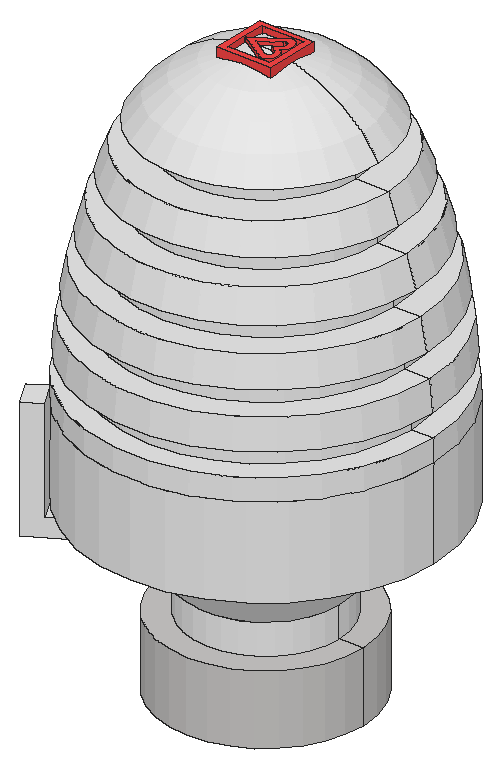
Revit family "Термостатическая головка HERZ-Design, с присоединительной резьбой М 28х1.5, 9230", category Rohrzubehör, Revit 2019
Family settings
  Bemaßung runder Anschluss = Durchmesser verwenden
  Teiletyp = Normal
  OmniClass-Nummer = 23.65.55.14
  OmniClass-Titel = Valves for Liquid Services
  Arbeitsebenenbasiert = Nein
  Immer vertikal = Nein
  Beim Laden mit Abzugskörper schneiden = Nein
  Gemeinsam genutzt = Nein
Parameters
  Принцип действия = "HERZ-термостатическая головка является датчиком прямого регулирования.\r\nИзменение объема жидкости в HERZ-гидросенсоре приводит в движение шток клапана."
  Область применения = "Для монтажа на всех HERZ-клапанах, предназначенных для термостатической работы."
  Номер заказа = 1923006  # constant formula
  Морозозащита = 6 °C  # constant formula
  Маховик = "Пластик, белый"  # constant formula
  Исполнение = "Термостатическая головка с жидкостным датчиком (гидросенсором) с позициями теплового запираниия \"0\" и морозозащиты, с ограничением и блокировкой диапазона регулирования. Цвет маховика - белый."
  Диапазон регулирования с морозозащитой = "6-30°C"  # constant formula
  Диапазон регулирования = "0-30°C"  # constant formula
  URL = "www.herz-armaturen.ru"
  S02 = 60.000 mm  # constant formula
  S01 = 90.000 mm  # constant formula
  Hersteller = "HERZ Armaturen Ges.m.b.H."  # constant formula
Reference planes
  plane 1 "Mitte (Vorne/hinten)": y = 0
  plane 2: z = 0
  plane 3 "Mitte (Links/rechts)": x = 0
Forms (mm)
  Revolve 1, solid, material "Kunststoff weiß", detail levels fine
    sketch origin (0, 0, 0) x (1, 0, 0) y (0, 0, 1)
      loop
        line (0, 0) -> (0, 90)
        arc (0, 90) -> (-10.767, 87.197) -> (-18.8, 79.5) r 22.08
        arc (-18.8, 79.5) -> (-25.672, 59.356) -> (-28, 38.2) r 97.301
        line (-28, 38.2) -> (-28, 23.2) -> (-23.25, 23.2) -> (-23.25, 20.5) -> (-20.4, 20.5) -> (-20.4, 19.7) -> (-12.2, 11.5) -> (-12.2, 4.8) -> (-13.2, 4.8) -> (-13.2, 0) -> (0, 0)
      axis (0, 90) -> (0, 0)
    angle from 0 to 360
  Extrusion 2, solid, material "Kunststoff weiß", detail levels fine
    sketch origin (0, 0, 0) x (0.866025, 0.5, 0) y (0, 0, 1)
      loop
        line (-28.5, 36.04) -> (-31.75, 36.04) -> (-31.75, 16.2) -> (-20.85, 16.2) -> (-20.85, 20.5) -> (-23.25, 20.5) -> (-23.25, 21.5) -> (-24.578, 19.2) -> (-28.5, 19.2) -> (-28.5, 36.04)
    from 2.5 to -2.5
  Extrusion 3, solid, material "Kunststoff weiß", detail levels fine
    sketch origin (0, 0, 0) x (0, 1, 0) y (0, 0, 1)
      loop
        arc (0.75, 19.2) -> (1.987, 19.713) -> (2.5, 20.95) r 1.75
        line (2.5, 20.95) -> (2.5, 32.2) -> (-2.5, 32.2) -> (-2.5, 20.95)
        arc (-2.5, 20.95) -> (-1.987, 19.713) -> (-0.75, 19.2) r 1.75
        line (-0.75, 19.2) -> (0.75, 19.2)
    from 0 to -31.5
  Revolve 4, solid, material "Messing verzinkt", detail levels fine
    sketch origin (0, 0, 0) x (1, 0, 0) y (0, 0, 1)
      loop
        line (0, 0) -> (0, 6.5) -> (-16.25, 6.5) -> (-16.25, -5) -> (-14, -5) -> (-14, 0) -> (0, 0)
      axis (0, 6.5) -> (0, -5)
    angle from 0 to 360
  Revolve 5, void
    sketch origin (0, 0, 0) x (1, 0, 0) y (0, 0, 1)
      loop
        arc (-18.8, 79.5) -> (-19.64, 77.659) -> (-20.442, 75.8) r 97.301
        line (-20.442, 75.8) -> (-14.951, 75.8) -> (-14.951, 79.5) -> (-18.8, 79.5)
      loop
        line (-27.933, 41.8) -> (-24.226, 41.8) -> (-24.226, 45.5) -> (-27.726, 45.5)
        arc (-27.726, 45.5) -> (-27.847, 43.651) -> (-27.933, 41.8) r 97.301
      loop
        arc (-22.197, 71.3) -> (-22.843, 69.456) -> (-23.452, 67.6) r 97.301
        line (-23.452, 67.6) -> (-18.697, 67.6) -> (-18.697, 71.3) -> (-22.197, 71.3)
      loop
        arc (-24.865, 62.7) -> (-25.326, 60.854) -> (-25.751, 59) r 97.301
        line (-25.751, 59) -> (-21.365, 59) -> (-21.365, 62.7) -> (-24.865, 62.7)
      loop
        arc (-26.692, 54.1) -> (-26.98, 52.253) -> (-27.232, 50.4) r 97.301
        line (-27.232, 50.4) -> (-23.192, 50.4) -> (-23.192, 54.1) -> (-26.692, 54.1)
      axis (0, 79.5) -> (0, 41.8)
    angle from 0 to 360
Cuts and joins
  Revolve 5 cuts Revolve 1
Lines and regions (mm)
  model lines, detail levels coarse+medium
    curve 1: line (0, 0, 0) -> (0, 0, 30)
    curve 2: line (0, 0, 0) -> (30, 0, 0)
    curve 3: circle (0, 0, 60) r 30 normal (0, -1, 0)
    curve 4: circle (0, 0, 60) r 30 normal (1, 0, 0)
    curve 5: line (0, 0, 40) -> (0, 0, 80)
    curve 6: line (0, 17.5, 80) -> (0, -17.5, 80)
    curve 7: line (0, 0, 40) -> (0, 0, 80)
    curve 8: line (-17.5, 0, 80) -> (17.5, 0, 80)
    curve 9: circle (60, 0, 0) r 30 normal (0, 0, 1)
    curve 10: line (40, 0, 0) -> (80, 0, 0)
    curve 11: line (80, 17.5, 0) -> (80, -17.5, 0)
Dimensions and locks
  nested 1 to plane 2 = 89.000 mm
  "S01": curve 4 to plane 2
  "S01": curve 3 to plane 2
  "S01": plane 3 "Mitte (Links/rechts)" to curve 9
  "S02": diameter of curve 3
  "S02": diameter of curve 4
  "S02": diameter of curve 9
  aligned and locked: level to plane 2
Automatic sketch dimensions
  Revolve 1 sketch curve to level = 0.000 mm
  Revolve 1 sketch curve to plane 3 "Mitte (Links/rechts)" = 0.000 mm  (x2)
  Revolve 1 sketch curve to plane 3 "Mitte (Links/rechts)" = 12.200 mm
  Revolve 1 sketch curve to Revolve 1 sketch curve = 1.000 mm
  Revolve 1 sketch curve to Revolve 1 sketch curve = 8.200 mm  (x2)
  Revolve 1 sketch curve to Revolve 1 sketch curve = 2.850 mm
  Revolve 1 sketch curve to Revolve 1 sketch curve = 4.750 mm
  plane 3 "Mitte (Links/rechts)" to Revolve 1 sketch curve = 69.301 mm
  level to Revolve 1 sketch curve = 4.800 mm
  Revolve 1 sketch curve to Revolve 1 sketch curve = 6.700 mm
  Revolve 1 sketch curve to Revolve 1 sketch curve = 0.800 mm
  Revolve 1 sketch curve to Revolve 1 sketch curve = 2.700 mm
  Revolve 1 sketch curve to Revolve 1 sketch curve = 15.000 mm
  Revolve 1 sketch curve to Revolve 1 sketch curve = 29.720 mm
  Revolve 1 sketch curve to Revolve 1 sketch curve = 22.080 mm
  Revolve 1 sketch curve to level = 366.045 mm
  Revolve 1 sketch curve to Revolve 1 sketch curve = 0.000 mm
  level to Extrusion 2 sketch curve = 36.040 mm
  Extrusion 2 sketch curve to Extrusion 2 sketch curve = 3.250 mm
  Extrusion 2 sketch curve to Extrusion 2 sketch curve = 3.922 mm
  level to Extrusion 2 sketch curve = 21.500 mm
  Extrusion 2 sketch curve to Extrusion 2 sketch curve = 1.328 mm
  Extrusion 2 sketch curve to Extrusion 2 sketch curve = 3.728 mm
  Extrusion 2 sketch curve to Extrusion 2 sketch curve = 1.000 mm
  Extrusion 2 sketch curve to Extrusion 2 sketch curve = 1.300 mm
  Extrusion 2 sketch curve to Extrusion 2 sketch curve = 3.000 mm
  plane 1 "Mitte (Vorne/hinten)" to Extrusion 3 sketch curve = 2.500 mm
  plane 1 "Mitte (Vorne/hinten)" to Extrusion 3 sketch curve = 0.750 mm
  Extrusion 3 sketch curve to plane 1 "Mitte (Vorne/hinten)" = 0.750 mm
  Extrusion 3 sketch curve to plane 1 "Mitte (Vorne/hinten)" = 2.500 mm
  level to Extrusion 3 sketch curve = 19.200 mm
  Extrusion 3 sketch curve to Extrusion 3 sketch curve = 11.250 mm
  Revolve 4 sketch curve to level = 0.000 mm
  Revolve 4 sketch curve to plane 3 "Mitte (Links/rechts)" = 0.000 mm  (x2)
  Revolve 4 sketch curve to level = 5.000 mm
  Revolve 4 sketch curve to plane 3 "Mitte (Links/rechts)" = 14.000 mm
  Revolve 4 sketch curve to Revolve 4 sketch curve = 2.250 mm
  level to Revolve 4 sketch curve = 6.500 mm
  Revolve 4 sketch curve to Revolve 4 sketch curve = 361.045 mm
  Revolve 4 sketch curve to Revolve 4 sketch curve = 2207.815 mm
  Revolve 5 sketch curve to Revolve 5 sketch curve = 0.000 mm  (x20)
  Revolve 5 sketch curve to plane 3 "Mitte (Links/rechts)" = 0.000 mm
  Revolve 5 sketch curve to plane 3 "Mitte (Links/rechts)" = 14.951 mm
  Revolve 5 sketch curve to Revolve 5 sketch curve = 3.746 mm
  Revolve 5 sketch curve to Revolve 5 sketch curve = 3.849 mm
  Revolve 5 sketch curve to Revolve 5 sketch curve = 1.642 mm
  Revolve 5 sketch curve to Revolve 5 sketch curve = 2.668 mm
  Revolve 5 sketch curve to Revolve 5 sketch curve = 3.500 mm  (x4)
  Revolve 5 sketch curve to Revolve 5 sketch curve = 1.827 mm
  Revolve 5 sketch curve to Revolve 5 sketch curve = 1.255 mm
  Revolve 5 sketch curve to Revolve 5 sketch curve = 1.034 mm
  Revolve 5 sketch curve to Revolve 5 sketch curve = 0.886 mm
  Revolve 5 sketch curve to Revolve 5 sketch curve = 0.540 mm
  Revolve 5 sketch curve to Revolve 5 sketch curve = 0.208 mm
  level to Revolve 5 sketch curve = 38.200 mm
  plane 3 "Mitte (Links/rechts)" to Revolve 5 sketch curve = 69.301 mm
  level to Revolve 5 sketch curve = 41.800 mm
  Revolve 5 sketch curve to Revolve 5 sketch curve = 4.900 mm  (x3)
  Revolve 5 sketch curve to Revolve 5 sketch curve = 4.500 mm
  Revolve 5 sketch curve to level = 366.045 mm
  Revolve 5 sketch curve to Revolve 5 sketch curve = 2134.815 mm
  curve 5 to plane 1 "Mitte (Vorne/hinten)" = 0.000 mm
  curve 4 to plane 1 "Mitte (Vorne/hinten)" = 0.000 mm
  plane 1 "Mitte (Vorne/hinten)" to curve 6 = 17.500 mm
  curve 5 to curve 6 = 17.500 mm
  curve 5 to curve 4 = 20.000 mm
  curve 4 to curve 6 = 20.000 mm
  curve 3 to plane 3 "Mitte (Links/rechts)" = 0.000 mm
  curve 7 to plane 3 "Mitte (Links/rechts)" = 0.000 mm
  curve 1 to plane 3 "Mitte (Links/rechts)" = 0.000 mm
  curve 1 to level = 0.000 mm
  curve 8 to curve 7 = 17.500 mm
  plane 3 "Mitte (Links/rechts)" to curve 8 = 17.500 mm
  curve 1 to curve 7 = 10.000 mm
  curve 3 to curve 8 = 20.000 mm
  plane 1 "Mitte (Vorne/hinten)" to curve 2 = 0.000 mm
  curve 2 to plane 3 "Mitte (Links/rechts)" = 0.000 mm
  plane 1 "Mitte (Vorne/hinten)" to curve 10 = 0.000 mm
  plane 1 "Mitte (Vorne/hinten)" to curve 9 = 0.000 mm
  curve 2 to curve 10 = 10.000 mm
  curve 9 to curve 11 = 20.000 mm
  curve 11 to curve 10 = 17.500 mm
  curve 11 to plane 1 "Mitte (Vorne/hinten)" = 17.500 mm
Nested families
  nested 1: "Herz-Logo" at (0, 0, 89) x (0, -1, 0) z (0, 0, 1), type "Herz-Logo", detail levels fine
Definition of nested family "Herz-Logo"
  Reference planes
    plane 1 "Mitte (Vorne/hinten)": y = 0
    plane 2: z = 0
    plane 3 "Mitte (Links/rechts)": x = 0
  Forms (mm)
    Extrusion 1, solid
      sketch origin (0, 0, 0) x (1, 0, 0) y (0, 1, 0)
        loop
          line (-0.018, -4.517) -> (4.482, -4.517) -> (4.482, 4.483) -> (-4.518, 4.483) -> (-4.518, -4.517) -> (-0.018, -4.517)
        loop
          line (-0.05, -3.48) -> (3.482, -3.48) -> (3.482, 3.483) -> (-3.518, 3.483) -> (-3.518, -3.48) -> (-0.05, -3.48)
        loop
          arc (-0.018, 2.383) -> (-1.543, 3.287) -> (-3.067, 2.383) r 1.738
          arc (-3.067, 2.383) -> (-3.191, 1.899) -> (-3.067, 1.415) r 1.009
          line (-3.067, 1.415) -> (-0.018, -3.281) -> (3.032, 1.415)
          arc (3.032, 1.415) -> (3.156, 1.899) -> (3.032, 2.383) r 1.009
          arc (3.032, 2.383) -> (1.507, 3.287) -> (-0.018, 2.383) r 1.738
        loop
          arc (1.885, 1.272) -> (2.005, 1.675) -> (1.885, 2.079) r 0.74
          arc (1.885, 2.079) -> (1.265, 2.416) -> (0.644, 2.079) r 0.74
          line (0.644, 2.079) -> (-0.018, 0.97) -> (-0.679, 2.079)
          arc (-0.679, 2.079) -> (-1.3, 2.416) -> (-1.921, 2.079) r 0.74
          arc (-1.921, 2.079) -> (-2.04, 1.675) -> (-1.921, 1.272) r 0.74
          line (-1.921, 1.272) -> (-0.018, -1.658) -> (1.885, 1.272)
      from 0 to 1.5
  Dimensions and locks
    aligned and locked: level to plane 2
